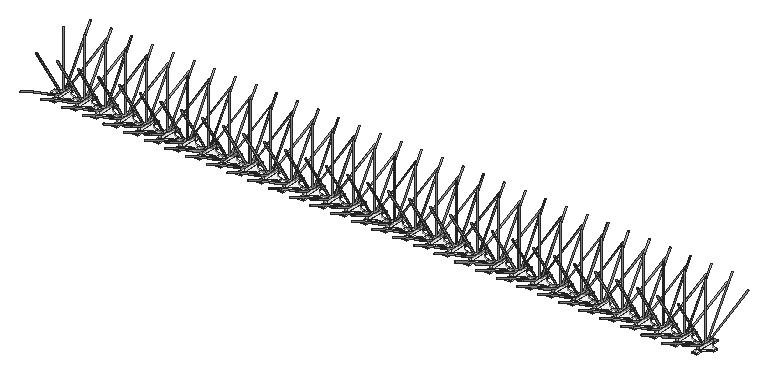
Revit family "BirdControl_Spikes_BirdBGone_2001", category Specialty Equipment, Revit 2018
Family settings
  Round Connector Dimension = Use Diameter
  Part Type = Normal
  OmniClass Number = 23.40.10.14.14.99
  OmniClass Title = Other Manufactured Exterior Specialties
  Cut with Voids When Loaded = No
  Shared = No
  Room Calculation Point = No
Parameters (values of type "BirdBGone template - Line Based")
  Warranty Duration (Years) = 0
  URL = "http://www.birdbgone.com/"
  Test Data = "http://www.birdbgone.com/bird-control-product-msds"
  Units [instance] = [built-in parameter 1001306] / 0' 1 1/2"  # 32
  Specification = "http://www.arcat.com/sdspecs/htm/10290bir.htm"
  SpecWizard = ""
  Send Message = "http://www.arcat.com/users.pl?action=UserEmail&company=Bird-B-Gone,%20Inc.&coid=38371&rep=147&fax=949-472-3116&mf="
  Sales Information = "http://www.birdbgone.com/bird-control-store/"
  Revision = "R1_10-2010"
  Product Properties = "http://www.arcat.com/bim/bim_info.pl?fn=BirdBGone"
  Product Data = "http://www.arcat.com/arcatcos/cos38/arc38371.html"
  Model = "As Specified in 10 81 19"
  Middle Front Row = yes
  Material = Metal - Stainless Steel - Bird B Gone
  Manufacturer Website = "http://www.birdbgone.com/"
  Manufacturer Phone - Toll Free = "800-392-6915"
  Manufacturer Phone = "949-472-3122"
  Manufacturer Fax = "949-472-3116"
  Manufacturer Address = "23918 Skyline, Mission Viejo, CA 92692"
  Manufacturer = "Bird-B-Gone, Inc."
  Maintenance Schedule (Months) = 0
  built-in parameter 1001306 [instance] = 4' - 0"
  Keynote = "10 81 19"
  Installation-Fabrication = "http://www.birdbgone.com/installation-instructions"
  Installation Phase = ""
  Green Building-LEED = "http://www.arcat.com/green/clients/leed_data_38371.html"
  Expected Lifespan (Years) = 0
  Drawn By = "Robert S. Weygant, CSI, CDT, SCIP"
  Description = "Bird Control Equipment as Specified in 10 81 19"
  Copyright = "2010 ARCAT, Inc."
  Construction Details = "http://www.arcat.com/details/birdbgon/birdbgon.html?coid=38371"
  Building Codes = "http://www.birdbgone.com/knowledge-center/"
  End Rows = yes
  Middle Back Row = yes
  Base Material = Plastic - Bird B Gone - Polycarbonate - Crystal Clear
  Assembly Code = "E1090900"
Reference planes (in)
  plane 1 "Center (Front/Back)": y = 0
  plane 2: z = 0
  plane 3 "Left": x = 0
  plane 4 "Right": x = 48
  plane 5: y = 0.625
  plane 6: y = -0.625
Lines and regions (in)
  reference lines
    curve 1: line (0, 0, 0) -> (48, 0, 0)
Dimensions and locks (in)
  "built-in parameter 1001306": plane 3 "Left" to plane 4 "Right"
  equal spacing: plane 5, curve 1, plane 6
  locked: plane 5 to plane 6 at 1.25
  equal spacing: group 1, group 2, group 3, group 4, group 5, group 6, group 7, group 8, group 9, group 10, group 11, group 12, group 13, group 14, group 15, group 16, group 17, group 18, group 19, group 20, group 21, group 22, group 23, group 24, group 25, group 26, group 27, group 28, group 29, group 30, group 31, group 32  (x3)
  aligned and locked: plane 4 "Right" to curve 1
  aligned and locked: plane 3 "Left" to curve 1
Nested families (in)
  nested 1: "SpikeUnit_2001" at (0.75, 0, 0) x (0, 1, 0) z (0, 0, 1), Middle Back Row <- "Middle Back Row", End Rows <- "End Rows", Material <- "Material", Base Material <- "Base Material", Middle Front Row <- "Middle Front Row", type "BirdBGone template - Standalone"
    with offset 0' - 0", Unit Height 0' - 4 1/2", Middle Back Row yes, Material Metal - Stainless Steel - Bird B Gone, End Rows yes, Base Material Plastic - Bird B Gone - Polycarbonate - Crystal Clear
  nested 2: "SpikeUnit_2001" at (2.25, 0, 0) x (0, 1, 0) z (0, 0, 1), Middle Back Row <- "Middle Back Row", End Rows <- "End Rows", Material <- "Material", Base Material <- "Base Material", Middle Front Row <- "Middle Front Row", type "BirdBGone template - Standalone"
    with offset 0' - 0", Unit Height 0' - 4 1/2", Middle Front Row yes, Middle Back Row yes, Material Metal - Stainless Steel - Bird B Gone, End Rows yes, Base Material Plastic - Bird B Gone - Polycarbonate - Crystal Clear
  nested 3: "SpikeUnit_2001" at (3.75, 0, 0) x (0, 1, 0) z (0, 0, 1), Middle Back Row <- "Middle Back Row", End Rows <- "End Rows", Material <- "Material", Base Material <- "Base Material", Middle Front Row <- "Middle Front Row", type "BirdBGone template - Standalone"
    with offset 0' - 0", Unit Height 0' - 4 1/2", Middle Front Row yes, Middle Back Row yes, Material Metal - Stainless Steel - Bird B Gone, End Rows yes, Base Material Plastic - Bird B Gone - Polycarbonate - Crystal Clear
  nested 4: "SpikeUnit_2001" at (5.25, 0, 0) x (0, 1, 0) z (0, 0, 1), Middle Back Row <- "Middle Back Row", End Rows <- "End Rows", Material <- "Material", Base Material <- "Base Material", Middle Front Row <- "Middle Front Row", type "BirdBGone template - Standalone"
    with offset 0' - 0", Unit Height 0' - 4 1/2", Middle Front Row yes, Middle Back Row yes, Material Metal - Stainless Steel - Bird B Gone, End Rows yes, Base Material Plastic - Bird B Gone - Polycarbonate - Crystal Clear
  nested 5: "SpikeUnit_2001" at (6.75, 0, 0) x (0, 1, 0) z (0, 0, 1), Middle Back Row <- "Middle Back Row", End Rows <- "End Rows", Material <- "Material", Base Material <- "Base Material", Middle Front Row <- "Middle Front Row", type "BirdBGone template - Standalone"
    with offset 0' - 0", Unit Height 0' - 4 1/2", Middle Front Row yes, Middle Back Row yes, Material Metal - Stainless Steel - Bird B Gone, End Rows yes, Base Material Plastic - Bird B Gone - Polycarbonate - Crystal Clear
  nested 6: "SpikeUnit_2001" at (8.25, 0, 0) x (0, 1, 0) z (0, 0, 1), Middle Back Row <- "Middle Back Row", End Rows <- "End Rows", Material <- "Material", Base Material <- "Base Material", Middle Front Row <- "Middle Front Row", type "BirdBGone template - Standalone"
    with offset 0' - 0", Unit Height 0' - 4 1/2", Middle Front Row yes, Middle Back Row yes, Material Metal - Stainless Steel - Bird B Gone, End Rows yes, Base Material Plastic - Bird B Gone - Polycarbonate - Crystal Clear
  nested 7: "SpikeUnit_2001" at (9.75, 0, 0) x (0, 1, 0) z (0, 0, 1), Middle Back Row <- "Middle Back Row", End Rows <- "End Rows", Material <- "Material", Base Material <- "Base Material", Middle Front Row <- "Middle Front Row", type "BirdBGone template - Standalone"
    with offset 0' - 0", Unit Height 0' - 4 1/2", Middle Front Row yes, Middle Back Row yes, Material Metal - Stainless Steel - Bird B Gone, End Rows yes, Base Material Plastic - Bird B Gone - Polycarbonate - Crystal Clear
  nested 8: "SpikeUnit_2001" at (11.25, 0, 0) x (0, 1, 0) z (0, 0, 1), Middle Back Row <- "Middle Back Row", End Rows <- "End Rows", Material <- "Material", Base Material <- "Base Material", Middle Front Row <- "Middle Front Row", type "BirdBGone template - Standalone"
    with offset 0' - 0", Unit Height 0' - 4 1/2", Middle Front Row yes, Middle Back Row yes, Material Metal - Stainless Steel - Bird B Gone, End Rows yes, Base Material Plastic - Bird B Gone - Polycarbonate - Crystal Clear
  nested 9: "SpikeUnit_2001" at (12.75, 0, 0) x (0, 1, 0) z (0, 0, 1), Middle Back Row <- "Middle Back Row", End Rows <- "End Rows", Material <- "Material", Base Material <- "Base Material", Middle Front Row <- "Middle Front Row", type "BirdBGone template - Standalone"
    with offset 0' - 0", Unit Height 0' - 4 1/2", Middle Front Row yes, Middle Back Row yes, Material Metal - Stainless Steel - Bird B Gone, End Rows yes, Base Material Plastic - Bird B Gone - Polycarbonate - Crystal Clear
  nested 10: "SpikeUnit_2001" at (14.25, 0, 0) x (0, 1, 0) z (0, 0, 1), Middle Back Row <- "Middle Back Row", End Rows <- "End Rows", Material <- "Material", Base Material <- "Base Material", Middle Front Row <- "Middle Front Row", type "BirdBGone template - Standalone"
    with offset 0' - 0", Unit Height 0' - 4 1/2", Middle Front Row yes, Middle Back Row yes, Material Metal - Stainless Steel - Bird B Gone, End Rows yes, Base Material Plastic - Bird B Gone - Polycarbonate - Crystal Clear
  nested 11: "SpikeUnit_2001" at (15.75, 0, 0) x (0, 1, 0) z (0, 0, 1), Middle Back Row <- "Middle Back Row", End Rows <- "End Rows", Material <- "Material", Base Material <- "Base Material", Middle Front Row <- "Middle Front Row", type "BirdBGone template - Standalone"
    with offset 0' - 0", Unit Height 0' - 4 1/2", Middle Front Row yes, Middle Back Row yes, Material Metal - Stainless Steel - Bird B Gone, End Rows yes, Base Material Plastic - Bird B Gone - Polycarbonate - Crystal Clear
  nested 12: "SpikeUnit_2001" at (17.25, 0, 0) x (0, 1, 0) z (0, 0, 1), Middle Back Row <- "Middle Back Row", End Rows <- "End Rows", Material <- "Material", Base Material <- "Base Material", Middle Front Row <- "Middle Front Row", type "BirdBGone template - Standalone"
    with offset 0' - 0", Unit Height 0' - 4 1/2", Middle Front Row yes, Middle Back Row yes, Material Metal - Stainless Steel - Bird B Gone, End Rows yes, Base Material Plastic - Bird B Gone - Polycarbonate - Crystal Clear
  nested 13: "SpikeUnit_2001" at (18.75, 0, 0) x (0, 1, 0) z (0, 0, 1), Middle Back Row <- "Middle Back Row", End Rows <- "End Rows", Material <- "Material", Base Material <- "Base Material", Middle Front Row <- "Middle Front Row", type "BirdBGone template - Standalone"
    with offset 0' - 0", Unit Height 0' - 4 1/2", Middle Front Row yes, Middle Back Row yes, Material Metal - Stainless Steel - Bird B Gone, End Rows yes, Base Material Plastic - Bird B Gone - Polycarbonate - Crystal Clear
  nested 14: "SpikeUnit_2001" at (20.25, 0, 0) x (0, 1, 0) z (0, 0, 1), Middle Back Row <- "Middle Back Row", End Rows <- "End Rows", Material <- "Material", Base Material <- "Base Material", Middle Front Row <- "Middle Front Row", type "BirdBGone template - Standalone"
    with offset 0' - 0", Unit Height 0' - 4 1/2", Middle Front Row yes, Middle Back Row yes, Material Metal - Stainless Steel - Bird B Gone, End Rows yes, Base Material Plastic - Bird B Gone - Polycarbonate - Crystal Clear
  nested 15: "SpikeUnit_2001" at (21.75, 0, 0) x (0, 1, 0) z (0, 0, 1), Middle Back Row <- "Middle Back Row", End Rows <- "End Rows", Material <- "Material", Base Material <- "Base Material", Middle Front Row <- "Middle Front Row", type "BirdBGone template - Standalone"
    with offset 0' - 0", Unit Height 0' - 4 1/2", Middle Front Row yes, Middle Back Row yes, Material Metal - Stainless Steel - Bird B Gone, End Rows yes, Base Material Plastic - Bird B Gone - Polycarbonate - Crystal Clear
  nested 16: "SpikeUnit_2001" at (23.25, 0, 0) x (0, 1, 0) z (0, 0, 1), Middle Back Row <- "Middle Back Row", End Rows <- "End Rows", Material <- "Material", Base Material <- "Base Material", Middle Front Row <- "Middle Front Row", type "BirdBGone template - Standalone"
    with offset 0' - 0", Unit Height 0' - 4 1/2", Middle Front Row yes, Middle Back Row yes, Material Metal - Stainless Steel - Bird B Gone, End Rows yes, Base Material Plastic - Bird B Gone - Polycarbonate - Crystal Clear
  nested 17: "SpikeUnit_2001" at (24.75, 0, 0) x (0, 1, 0) z (0, 0, 1), Middle Back Row <- "Middle Back Row", End Rows <- "End Rows", Material <- "Material", Base Material <- "Base Material", Middle Front Row <- "Middle Front Row", type "BirdBGone template - Standalone"
    with offset 0' - 0", Unit Height 0' - 4 1/2", Middle Front Row yes, Middle Back Row yes, Material Metal - Stainless Steel - Bird B Gone, End Rows yes, Base Material Plastic - Bird B Gone - Polycarbonate - Crystal Clear
  nested 18: "SpikeUnit_2001" at (26.25, 0, 0) x (0, 1, 0) z (0, 0, 1), Middle Back Row <- "Middle Back Row", End Rows <- "End Rows", Material <- "Material", Base Material <- "Base Material", Middle Front Row <- "Middle Front Row", type "BirdBGone template - Standalone"
    with offset 0' - 0", Unit Height 0' - 4 1/2", Middle Front Row yes, Middle Back Row yes, Material Metal - Stainless Steel - Bird B Gone, End Rows yes, Base Material Plastic - Bird B Gone - Polycarbonate - Crystal Clear
  nested 19: "SpikeUnit_2001" at (27.75, 0, 0) x (0, 1, 0) z (0, 0, 1), Middle Back Row <- "Middle Back Row", End Rows <- "End Rows", Material <- "Material", Base Material <- "Base Material", Middle Front Row <- "Middle Front Row", type "BirdBGone template - Standalone"
    with offset 0' - 0", Unit Height 0' - 4 1/2", Middle Front Row yes, Middle Back Row yes, Material Metal - Stainless Steel - Bird B Gone, End Rows yes, Base Material Plastic - Bird B Gone - Polycarbonate - Crystal Clear
  nested 20: "SpikeUnit_2001" at (29.25, 0, 0) x (0, 1, 0) z (0, 0, 1), Middle Back Row <- "Middle Back Row", End Rows <- "End Rows", Material <- "Material", Base Material <- "Base Material", Middle Front Row <- "Middle Front Row", type "BirdBGone template - Standalone"
    with offset 0' - 0", Unit Height 0' - 4 1/2", Middle Front Row yes, Middle Back Row yes, Material Metal - Stainless Steel - Bird B Gone, End Rows yes, Base Material Plastic - Bird B Gone - Polycarbonate - Crystal Clear
  nested 21: "SpikeUnit_2001" at (30.75, 0, 0) x (0, 1, 0) z (0, 0, 1), Middle Back Row <- "Middle Back Row", End Rows <- "End Rows", Material <- "Material", Base Material <- "Base Material", Middle Front Row <- "Middle Front Row", type "BirdBGone template - Standalone"
    with offset 0' - 0", Unit Height 0' - 4 1/2", Middle Front Row yes, Middle Back Row yes, Material Metal - Stainless Steel - Bird B Gone, End Rows yes, Base Material Plastic - Bird B Gone - Polycarbonate - Crystal Clear
  nested 22: "SpikeUnit_2001" at (32.25, 0, 0) x (0, 1, 0) z (0, 0, 1), Middle Back Row <- "Middle Back Row", End Rows <- "End Rows", Material <- "Material", Base Material <- "Base Material", Middle Front Row <- "Middle Front Row", type "BirdBGone template - Standalone"
    with offset 0' - 0", Unit Height 0' - 4 1/2", Middle Front Row yes, Middle Back Row yes, Material Metal - Stainless Steel - Bird B Gone, End Rows yes, Base Material Plastic - Bird B Gone - Polycarbonate - Crystal Clear
  nested 23: "SpikeUnit_2001" at (33.75, 0, 0) x (0, 1, 0) z (0, 0, 1), Middle Back Row <- "Middle Back Row", End Rows <- "End Rows", Material <- "Material", Base Material <- "Base Material", Middle Front Row <- "Middle Front Row", type "BirdBGone template - Standalone"
    with offset 0' - 0", Unit Height 0' - 4 1/2", Middle Front Row yes, Middle Back Row yes, Material Metal - Stainless Steel - Bird B Gone, End Rows yes, Base Material Plastic - Bird B Gone - Polycarbonate - Crystal Clear
  nested 24: "SpikeUnit_2001" at (35.25, 0, 0) x (0, 1, 0) z (0, 0, 1), Middle Back Row <- "Middle Back Row", End Rows <- "End Rows", Material <- "Material", Base Material <- "Base Material", Middle Front Row <- "Middle Front Row", type "BirdBGone template - Standalone"
    with offset 0' - 0", Unit Height 0' - 4 1/2", Middle Front Row yes, Middle Back Row yes, Material Metal - Stainless Steel - Bird B Gone, End Rows yes, Base Material Plastic - Bird B Gone - Polycarbonate - Crystal Clear
  nested 25: "SpikeUnit_2001" at (36.75, 0, 0) x (0, 1, 0) z (0, 0, 1), Middle Back Row <- "Middle Back Row", End Rows <- "End Rows", Material <- "Material", Base Material <- "Base Material", Middle Front Row <- "Middle Front Row", type "BirdBGone template - Standalone"
    with offset 0' - 0", Unit Height 0' - 4 1/2", Middle Front Row yes, Middle Back Row yes, Material Metal - Stainless Steel - Bird B Gone, End Rows yes, Base Material Plastic - Bird B Gone - Polycarbonate - Crystal Clear
  nested 26: "SpikeUnit_2001" at (38.25, 0, 0) x (0, 1, 0) z (0, 0, 1), Middle Back Row <- "Middle Back Row", End Rows <- "End Rows", Material <- "Material", Base Material <- "Base Material", Middle Front Row <- "Middle Front Row", type "BirdBGone template - Standalone"
    with offset 0' - 0", Unit Height 0' - 4 1/2", Middle Front Row yes, Middle Back Row yes, Material Metal - Stainless Steel - Bird B Gone, End Rows yes, Base Material Plastic - Bird B Gone - Polycarbonate - Crystal Clear
  nested 27: "SpikeUnit_2001" at (39.75, 0, 0) x (0, 1, 0) z (0, 0, 1), Middle Back Row <- "Middle Back Row", End Rows <- "End Rows", Material <- "Material", Base Material <- "Base Material", Middle Front Row <- "Middle Front Row", type "BirdBGone template - Standalone"
    with offset 0' - 0", Unit Height 0' - 4 1/2", Middle Front Row yes, Middle Back Row yes, Material Metal - Stainless Steel - Bird B Gone, End Rows yes, Base Material Plastic - Bird B Gone - Polycarbonate - Crystal Clear
  nested 28: "SpikeUnit_2001" at (41.25, 0, 0) x (0, 1, 0) z (0, 0, 1), Middle Back Row <- "Middle Back Row", End Rows <- "End Rows", Material <- "Material", Base Material <- "Base Material", Middle Front Row <- "Middle Front Row", type "BirdBGone template - Standalone"
    with offset 0' - 0", Unit Height 0' - 4 1/2", Middle Front Row yes, Middle Back Row yes, Material Metal - Stainless Steel - Bird B Gone, End Rows yes, Base Material Plastic - Bird B Gone - Polycarbonate - Crystal Clear
  nested 29: "SpikeUnit_2001" at (42.75, 0, 0) x (0, 1, 0) z (0, 0, 1), Middle Back Row <- "Middle Back Row", End Rows <- "End Rows", Material <- "Material", Base Material <- "Base Material", Middle Front Row <- "Middle Front Row", type "BirdBGone template - Standalone"
    with offset 0' - 0", Unit Height 0' - 4 1/2", Middle Front Row yes, Middle Back Row yes, Material Metal - Stainless Steel - Bird B Gone, End Rows yes, Base Material Plastic - Bird B Gone - Polycarbonate - Crystal Clear
  nested 30: "SpikeUnit_2001" at (44.25, 0, 0) x (0, 1, 0) z (0, 0, 1), Middle Back Row <- "Middle Back Row", End Rows <- "End Rows", Material <- "Material", Base Material <- "Base Material", Middle Front Row <- "Middle Front Row", type "BirdBGone template - Standalone"
    with offset 0' - 0", Unit Height 0' - 4 1/2", Middle Front Row yes, Middle Back Row yes, Material Metal - Stainless Steel - Bird B Gone, End Rows yes, Base Material Plastic - Bird B Gone - Polycarbonate - Crystal Clear
  nested 31: "SpikeUnit_2001" at (45.75, 0, 0) x (0, 1, 0) z (0, 0, 1), Middle Back Row <- "Middle Back Row", End Rows <- "End Rows", Material <- "Material", Base Material <- "Base Material", Middle Front Row <- "Middle Front Row", type "BirdBGone template - Standalone"
    with offset 0' - 0", Unit Height 0' - 4 1/2", Middle Front Row yes, Middle Back Row yes, Material Metal - Stainless Steel - Bird B Gone, End Rows yes, Base Material Plastic - Bird B Gone - Polycarbonate - Crystal Clear
  nested 32: "SpikeUnit_2001" at (47.25, 0, 0) x (0, 1, 0) z (0, 0, 1), Middle Back Row <- "Middle Back Row", End Rows <- "End Rows", Material <- "Material", Base Material <- "Base Material", Middle Front Row <- "Middle Front Row", type "BirdBGone template - Standalone"
    with offset 0' - 0", Unit Height 0' - 4 1/2", Middle Front Row yes, Middle Back Row yes, Material Metal - Stainless Steel - Bird B Gone, End Rows yes, Base Material Plastic - Bird B Gone - Polycarbonate - Crystal Clear
Definition of nested family "SpikeUnit_2001"
  Parameters
    offset [instance] = 0' - 0"
    Warranty Duration (Years) = 0
    Unit Width = 0' - 7"
    Unit Height [instance] = 0' - 4 1/2"
    Unit Depth = 0' - 0 1/4"
    URL = "http://www.birdbgone.com/"
    Test Data = "http://www.birdbgone.com/bird-control-product-msds"
    Specification = "http://www.arcat.com/sdspecs/htm/10290bir.htm"
    SpecWizard = ""
    Send Message = "http://www.arcat.com/users.pl?action=UserEmail&company=Bird-B-Gone,%20Inc.&coid=38371&rep=147&fax=949-472-3116&mf="
    Sales Information = "http://www.birdbgone.com/bird-control-store/"
    Revision = "R1_10-2010"
    Product Properties = "http://www.arcat.com/bim/bim_info.pl?fn=BirdBGone"
    Product Data = "http://www.arcat.com/arcatcos/cos38/arc38371.html"
    Model = "As Specified in 10 81 19"
    Middle Front Row [instance] = yes
    Middle Back Row [instance] = yes
    Material [instance] = none
    Manufacturer Website = "http://www.birdbgone.com/"
    Manufacturer Phone - Toll Free = "800-392-6915"
    Manufacturer Phone = "949-472-3122"
    Manufacturer Fax = "949-472-3116"
    Manufacturer Address = "23918 Skyline, Mission Viejo, CA 92692"
    Manufacturer = "Bird-B-Gone, Inc."
    Maintenance Schedule (Months) = 0
    Keynote = "10 81 19"
    Installation-Fabrication = "http://www.birdbgone.com/installation-instructions"
    Installation Phase = ""
    Green Building-LEED = "http://www.arcat.com/green/clients/leed_data_38371.html"
    Expected Lifespan (Years) = 0
    End Rows [instance] = yes
    Drawn By = "Robert S. Weygant, CSI, CDT, SCIP"
    Description = "Bird Control Equipment as Specified in 10 81 19"
    Copyright = "wt"
    Construction Details = "http://www.arcat.com/details/birdbgon/birdbgon.html?coid=38371"
    Building Codes = "http://www.birdbgone.com/knowledge-center/"
    Base Material [instance] = none
    Assembly Code = "E1090900"
  Reference planes (in)
    plane 1 "Center (Front/Back)": y = 0
    plane 2 "Bottom": z = 0
    plane 3 "Center (Left/Right)": x = 0
    plane 4 "Top": z = 4.5
    plane 5: x = -1
    plane 6: x = 1
    plane 7: y = -0.75
    plane 8: y = 0.75
  Forms (in)
    Extrusion 1, solid, material <- "Base Material"
      sketch origin (0, 0, 0) x (1, 0, 0) y (0, 1, 0)
        loop
          line (1, 0.1875) -> (0.5519, 0.1875)
          arc (0.5519, 0.1875) -> (0.40496, 0.23525) -> (0.31414, 0.36025) r 0.25
          line (0.31414, 0.36025) -> (0.1875, 0.75) -> (-0.1875, 0.75) -> (-0.31414, 0.36025)
          arc (-0.31414, 0.36025) -> (-0.40496, 0.23525) -> (-0.5519, 0.1875) r 0.25
          line (-0.5519, 0.1875) -> (-1, 0.1875) -> (-1, -0.1875) -> (-0.5519, -0.1875)
          arc (-0.5519, -0.1875) -> (-0.40496, -0.23525) -> (-0.31414, -0.36025) r 0.25
          line (-0.31414, -0.36025) -> (-0.1875, -0.75) -> (0.1875, -0.75) -> (0.31414, -0.36025)
          arc (0.31414, -0.36025) -> (0.40496, -0.23525) -> (0.5519, -0.1875) r 0.25
          line (0.5519, -0.1875) -> (1, -0.1875) -> (1, 0.1875)
      from 0 to 0.125
    Extrusion 2, solid, material <- "Base Material"
      sketch origin (0, 0, 0) x (0, 1, 0) y (-1, 0, 0)
        loop
          line (-0.125, 0.625) -> (-0.125, -0.625) -> (0.125, -0.625) -> (0.125, 0.625) -> (-0.125, 0.625)
      from 0 to 0.375
    Sweep 3, solid, material <- "Material", detail levels medium+fine
      path origin (0, 0, 0) x (0.707107, 0, 0.707107) y (-0.707107, 0, 0.707107)
        loop
          line (0.26517, 0.26517) -> (3.18198, 3.18198)
      profile origin (0, 0, 2.4375) x (-1, 0, 0) y (0, -1, 0)
        loop
          circle (0, 0) r 0.03125
    Sweep 4, solid, material <- "Material", visible <- "Middle Front Row", detail levels medium+fine
      path origin (0.05128, 0, 0.05698) x (0.97437, 0, 0.224951) y (-0.224951, 0, 0.97437)
        loop
          line (0.20443, 0.20443) -> (3.18198, 3.18198)
      profile origin (1.3202, 0, 2.08768) x (-0.848048, 0, 0.529919) y (0, -1, 0)
        loop
          circle (0, 0) r 0.03125
    Sweep 5, solid, material <- "Material", visible <- "End Rows", detail levels medium+fine
      path origin (-0.1741, 0, 0.04622) x (0.945519, 0, -0.325568) y (0.325568, 0, 0.945519)
        loop
          line (0.41987, 0.41987) -> (3.18198, 3.18198)
      profile origin (2.11504, 0, 1.16271) x (-0.438371, 0, 0.898794) y (0, -1, 0)
        loop
          circle (0, 0) r 0.03125
    Sweep 6, solid, material <- "Material", visible <- "Middle Back Row", detail levels medium+fine
      path origin (-0.05128, 0, 0.05698) x (-0.97437, 0, 0.224951) y (-0.224951, 0, -0.97437)
        loop
          line (0.20443, -0.20443) -> (3.18198, -3.18198)
      profile origin (-1.3202, 0, 2.08768) x (-0.848048, 0, -0.529919) y (0, -1, 0)
        loop
          circle (0, 0) r 0.03125
    Sweep 7, solid, material <- "Material", visible <- "End Rows", detail levels medium+fine
      path origin (0.1741, 0, 0.04622) x (-0.945519, 0, -0.325568) y (0.325568, 0, -0.945519)
        loop
          line (0.41987, -0.41987) -> (3.18198, -3.18198)
      profile origin (-2.11504, 0, 1.16271) x (-0.438371, 0, -0.898794) y (0, -1, 0)
        loop
          circle (0, 0) r 0.03125
  Cuts and joins
    joined: Extrusion 1, Extrusion 2
  Lines and regions (in)
    model lines, detail levels coarse
      curve 1: line (0, 0, 0.375) -> (0, 0, 4.5)
    model lines, visible <- "Middle Front Row", detail levels coarse
      curve 2: line (0.25, 0, 0.375) -> (2.43592, 0, 3.8732)
    model lines, visible <- "End Rows", detail levels coarse
      curve 3: line (0.5, 0, 0.375) -> (3.87048, 0, 2.01889)
      curve 5: line (-0.5, 0, 0.375) -> (-3.87048, 0, 2.01889)
    model lines, visible <- "Middle Back Row", detail levels coarse
      curve 4: line (-0.25, 0, 0.375) -> (-2.43592, 0, 3.8732)
  Dimensions and locks (in)
    "Unit Height": plane 4 "Top" to level
    plane 5 to plane 3 "Center (Left/Right)" = 0' - 1"
  Automatic sketch dimensions
    Extrusion 1 sketch curve to plane 5 = 0' - 0"
    Extrusion 1 sketch curve to plane 8 = 0' - 0"
    Extrusion 1 sketch curve to plane 7 = 0' - 0"
    Extrusion 1 sketch curve to plane 6 = 0' - 0"
    plane 5 to Extrusion 1 sketch curve = 0' - 0.4481"
    Extrusion 1 sketch curve to Extrusion 1 sketch curve = 0' - 0"
    Extrusion 1 sketch curve to Extrusion 1 sketch curve = 0' - 0.23776"  (x4)
    Extrusion 1 sketch curve to plane 3 "Center (Left/Right)" = 0' - 0 3/16"  (x2)
    plane 3 "Center (Left/Right)" to Extrusion 1 sketch curve = 0' - 0 3/16"  (x2)
    plane 3 "Center (Left/Right)" to Extrusion 1 sketch curve = 0' - 0.31414"  (x2)
    plane 7 to Extrusion 1 sketch curve = 0' - 0 5/16"  (x2)
    Extrusion 1 sketch curve to Extrusion 1 sketch curve = 0' - 0.07725"  (x2)
    Extrusion 1 sketch curve to plane 1 "Center (Front/Back)" = 0' - 0 3/16"  (x2)
    Extrusion 1 sketch curve to Extrusion 1 sketch curve = 0' - 0.17275"  (x2)
    curve 1 to plane 3 "Center (Left/Right)" = 0' - 0"  (x2)
    curve 1 to plane 4 "Top" = 0' - 0"
    curve 4 to curve 1 = 0' - 2.16567"
    curve 3 to curve 1 = 0' - 2.56326"
    curve 2 to curve 3 = 0' - 0.17678"
    curve 1 to curve 2 = 0' - 0.17678"
    curve 4 to curve 1 = 0' - 0.17678"
    curve 5 to curve 4 = 0' - 0.17678"
    curve 5 to curve 4 = 0' - 2.32558"
    curve 3 to curve 3 = 0' - 3.54569"
    curve 3 to curve 2 = 0' - 0.29681"
    curve 2 to curve 1 = 0' - 0.17678"
    curve 3 to curve 2 = 0' - 0.17678"
    curve 3 to curve 3 = 0' - 1.22088"
    curve 1 to curve 4 = 0' - 0.17678"
    curve 4 to curve 5 = 0' - 0.17678"
    curve 3 to curve 2 = 0' - 2.32558"
    curve 5 to curve 5 = 0' - 3.54569"
    curve 5 to curve 4 = 0' - 0.29681"
    plane 1 "Center (Front/Back)" to Extrusion 2 sketch curve = 0' - 0 1/8"
    Extrusion 2 sketch curve to plane 1 "Center (Front/Back)" = 0' - 0 1/8"
    plane 6 to Extrusion 2 sketch curve = 0' - 0 3/8"
    plane 5 to Extrusion 2 sketch curve = 0' - 0 3/8"
    Sweep 3 sketch curve to plane 3 "Center (Left/Right)" = 0' - 0"  (x2)
    Sweep 3 sketch curve to plane 4 "Top" = 0' - 0"
    Sweep 3 sketch curve to Sweep 3 sketch curve = 0' - 2.91682"
    Sweep 3 sketch curve to profile plane = 0' - 0"  (x2)
    plane 3 "Center (Left/Right)" to Sweep 4 sketch curve = 0' - 0.20448"
    level to Sweep 4 sketch curve = 0' - 0.30216"
    Sweep 4 sketch curve to Sweep 4 sketch curve = 0' - 2.97755"  (x2)
    Sweep 4 sketch curve to profile plane = 0' - 0"  (x2)
    level to Sweep 5 sketch curve = 0' - 0.30652"
    plane 3 "Center (Left/Right)" to Sweep 5 sketch curve = 0' - 0.35959"
    Sweep 5 sketch curve to Sweep 5 sketch curve = 0' - 2.76211"  (x2)
    Sweep 5 sketch curve to profile plane = 0' - 0"  (x2)
    Sweep 6 sketch curve to plane 3 "Center (Left/Right)" = 0' - 0.20448"
    level to Sweep 6 sketch curve = 0' - 0.30216"
    Sweep 6 sketch curve to Sweep 6 sketch curve = 0' - 2.97755"  (x2)
    Sweep 6 sketch curve to profile plane = 0' - 0"  (x2)
    level to Sweep 7 sketch curve = 0' - 0.30652"
    Sweep 7 sketch curve to plane 3 "Center (Left/Right)" = 0' - 0.35959"
    Sweep 7 sketch curve to Sweep 7 sketch curve = 0' - 2.76211"  (x2)
    Sweep 7 sketch curve to profile plane = 0' - 0"  (x2)
    radius of Sweep 3 sketch curve = 0' - 0 1/32"
    radius of Sweep 4 sketch curve = 0' - 0 1/32"
    radius of Sweep 5 sketch curve = 0' - 0 1/32"
    radius of Sweep 6 sketch curve = 0' - 0 1/32"
    radius of Sweep 7 sketch curve = 0' - 0 1/32"
